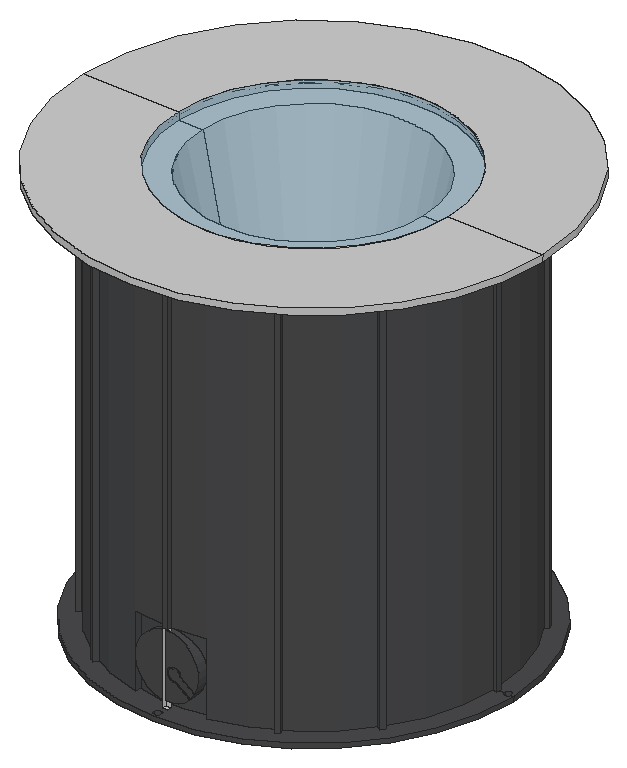
Revit family "LED COB INGROUND 25W_LKP0173WW.12", category Luminarias, Revit 2019
Family settings
  Cota de conector redondo = Diámetro de uso
  Tipo de pieza = Normal
  Se basa en plano de trabajo = Sí
  Siempre vertical = No
  Corte con vacíos al cargar = No
  Origen de luz = Sí
  Compartido = No
  Punto de cálculo de habitación = No
Parameters (values of type "EMP_LKP0173WW.12")
  Ángulo de inclinación = 105.00°
  Ángulo de enfoque = 12.00°
  Ángulo de campo de foco = 12.00°
  Zone [instance] = ""
  Watt per fixture = 28
  Wattage = 28 W
  built-in parameter 1150107 = 3000 (stored number, unit not read)
  built-in parameter 1150110 = 1 (stored number, unit not read)
  built-in parameter 1150109 = 1 (stored number, unit not read)
  built-in parameter 1150112 = 1 (stored number, unit not read)
  built-in parameter 1150113 = 1 (stored number, unit not read)
  built-in parameter 1114218 = 1 (stored number, unit not read)
  Keynote = ""
  built-in parameter 1150137 = (empty or 0)
  built-in parameter 1150132 = (empty or 0)
  Modelo = "LKP0173WW.12"
  Lámpara = "NICHIA"
  Longitud de símbolo de origen de luz = 500 mm
  built-in parameter 1150105 = 74440.3 (stored number, unit not read)
  built-in parameter 1150102 = (empty or 0)
  built-in parameter 1150106 = 744.4 (stored number, unit not read)
  Lumens = 1848.84 lm
  Color Filter = 16777215
  built-in parameter 1114217 = 1 (stored number, unit not read)
  built-in parameter 1150139 = (empty or 0)
  Fabricante = "BRILLANT"
  Default Elevation = 0 mm
  built-in parameter 1150104 = 6.1344 (stored number, unit not read)
  Descripción = "LUMINARIA TIPO CIRCULAR PARA EMPOTRAR EN PISO CON CUERPO DE ALUMINIO FUNDIDO A PRESION CUBIERTO CON POLVO GRIS OSCURO, CON CUBIERTA DE ACERO INOXIDABLE Y VIDRIO TEMPLADO DE 10MM, HOUSING TIPO ABS DE 222MM DE DIAMETRO Y 220MM DE PROFUNDO. CUENTA CON 1 LED COB TIPO NICHIA CON UNA POTENCIA TOTAL DE 28W, A UNA TEMPERATURA EN BLANCO CALIDO 3000K CON 1849 LUMENES, 240mA EN CORRIENTE DE OPERACIÓN, IP67, IK10, IRC 80, APERTURA EN 12 GRADOS POR PROYECTO, ALIMENTADA A 100-240V"
  built-in parameter 1150115 = 1 (stored number, unit not read)
  built-in parameter 1150114 = 1 (stored number, unit not read)
  Comentarios de vataje = "100-277V"
  built-in parameter 1150138 = (empty or 0)
  built-in parameter 1150134 = (empty or 0)
  Circuit [instance] = ""
  Dimming Lamp Color Temperature Shift = (empty or 0)
  built-in parameter 1150133 = 10 (stored number, unit not read)
Reference planes
  plane 1 "Centro (Frontal/Posterior)": y = 0
  plane 2: z = 0
  plane 3 "Centro (Izquierda/Derecha)": x = 0
  plane 4: z = -220
  plane 5 "PEND": y = 20
  plane 6 "Centro I/E": y = -15
  plane 7: x = -77.5
  plane 8: x = 77.5
Forms (mm)
  Revolve 1, solid, material "Acero Inoxidable"
    sketch origin (0, 0, 0) x (1, 0, 0) y (0, 0, 1)
      loop
        line (-45.029, -71.543) -> (-60.088, -0.696) -> (-73.402, -0.696) -> (-73.402, 3.457) -> (-125, 3.457) -> (-125, 0) -> (-88.648, 0) -> (-88.648, -186.964) -> (0, -186.964) -> (0, -71.543) -> (-45.029, -71.543)
      axis (0, 3.457) -> (0, -186.964)
    angle from 0 to 360
  Extrusion 2, solid, material "Cristal"
    sketch origin (0, 0, 0) x (1, 0, 0) y (0, 1, 0)
      loop
        circle (0, 0) r 73.402
    from 1.93 to 3.457
  Extrusion 3, solid, material "Plastico"
    sketch origin (0, 0, 0) x (1, 0, 0) y (0, 1, 0)
      loop
        circle (0, 0) r 10
    from -190.214 to -188.787
  Extrusion 4, solid, material "Cobre"
    sketch origin (0, 0, 0) x (1, 0, 0) y (0, 1, 0)
      loop
        line (12.101, 0) -> (6.051, 10.48) -> (-6.051, 10.48) -> (-12.101, 0) -> (-6.051, -10.48) -> (6.051, -10.48) -> (12.101, 0)
    from -188.787 to -186.964
  Revolve 5, solid, material "Plastico"
    sketch origin (0, 0, 0) x (1, 0, 0) y (0, 0, 1)
      loop
        line (-111, -0.88) -> (-111, -4.48) -> (-98.565, -4.48) -> (-98.565, -217.5) -> (-109, -217.5) -> (-109, -220) -> (-30.747, -220) -> (0, -220) -> (0, -217.5) -> (-88.629, -217.5) -> (-88.629, -0.88) -> (-111, -0.88)
      axis (0, -0.88) -> (0, -220)
    angle from 0 to 360
  Extrusion 6, solid, material "Plastico"
    sketch origin (0, 0, 0) x (1, 0, 0) y (0, 1, 0)
      loop
        line (-98.55, 1.342) -> (-100.923, 1.342) -> (-100.923, -1.342) -> (-98.55, -1.342)
        arc (-98.55, -1.342) -> (-98.565, 0) -> (-98.55, 1.342) r 59.642
      loop
        line (-80.494, 57.058) -> (-82.572, 58.257) -> (-83.914, 55.932) -> (-81.837, 54.732)
        arc (-81.837, 54.732) -> (-81.178, 55.903) -> (-80.494, 57.058) r 59.642
      loop
        line (-48.112, 86.018) -> (-49.284, 88.048) -> (-51.609, 86.705) -> (-50.437, 84.675)
        arc (-50.437, 84.675) -> (-49.282, 85.36) -> (-48.112, 86.018) r 59.642
      loop
        line (1.342, 98.55) -> (1.342, 100.894) -> (-1.342, 100.894) -> (-1.342, 98.55)
        arc (-1.342, 98.55) -> (0, 98.565) -> (1.342, 98.55) r 59.642
      loop
        arc (98.55, 1.342) -> (98.565, 0) -> (98.55, -1.342) r 59.642
        line (98.55, -1.342) -> (100.923, -1.342) -> (100.923, 1.342) -> (98.55, 1.342)
      loop
        arc (80.494, 57.058) -> (81.178, 55.903) -> (81.837, 54.732) r 59.642
        line (81.837, 54.732) -> (83.914, 55.932) -> (82.572, 58.257) -> (80.494, 57.058)
      loop
        arc (48.112, 86.018) -> (49.282, 85.36) -> (50.437, 84.675) r 59.642
        line (50.437, 84.675) -> (51.609, 86.705) -> (49.284, 88.048) -> (48.112, 86.018)
      loop
        arc (-80.494, -57.058) -> (-81.178, -55.903) -> (-81.837, -54.732) r 59.642
        line (-81.837, -54.732) -> (-83.914, -55.932) -> (-82.572, -58.257) -> (-80.494, -57.058)
      loop
        arc (-48.112, -86.018) -> (-49.282, -85.36) -> (-50.437, -84.675) r 59.642
        line (-50.437, -84.675) -> (-51.609, -86.705) -> (-49.284, -88.048) -> (-48.112, -86.018)
      loop
        arc (1.342, -98.55) -> (0, -98.565) -> (-1.342, -98.55) r 59.642
        line (-1.342, -98.55) -> (-1.342, -100.894) -> (1.342, -100.894) -> (1.342, -98.55)
      loop
        line (80.494, -57.058) -> (82.572, -58.257) -> (83.914, -55.932) -> (81.837, -54.732)
        arc (81.837, -54.732) -> (81.178, -55.903) -> (80.494, -57.058) r 59.642
      loop
        line (48.112, -86.018) -> (49.284, -88.048) -> (51.609, -86.705) -> (50.437, -84.675)
        arc (50.437, -84.675) -> (49.282, -85.36) -> (48.112, -86.018) r 59.642
    from -217.5 to -4.48
  Extrusion 7, void
    sketch origin (3.125, 0, 0) x (1, 0, 0) y (0, 1, 0)
      loop
        circle (-109.02, -0.03) r 1.981
      loop
        circle (-3.095, 105.913) r 1.981
      loop
        circle (-3.095, -105.913) r 1.981
      loop
        circle (102.77, -0.03) r 1.981
    from -220 to -216.767
  Extrusion 8, void
    sketch origin (0, 0, 0) x (1, 0, 0) y (0, 1, 0)
      loop
        line (19.48, -96.621) -> (19.48, -93.23)
        arc (19.48, -93.23) -> (-0.004, -96.149) -> (-19.48, -93.171) r 65.829
        line (-19.48, -93.171) -> (-19.48, -96.621)
        arc (-19.48, -96.621) -> (0, -98.565) -> (19.48, -96.621) r 98.565
    from -217.5 to -178.507
  Extrusion 9, solid, material "Plastico"
    sketch origin (0, 0, 0) x (1, 0, 0) y (0, 0, 1)
      loop
        arc (15.228, -205.467) -> (-13.875, -187.312) -> (12.384, -209.381) r 17.194
        line (12.384, -209.381) -> (4.761, -203.843)
        arc (4.761, -203.843) -> (0.929, -198.068) -> (7.605, -199.928) r 3.698
        line (7.605, -199.928) -> (15.228, -205.467)
      loop
        line (4.897, -203.076) -> (12.864, -208.865) -> (14.886, -206.083) -> (6.918, -200.294)
        arc (6.918, -200.294) -> (1.496, -198.48) -> (4.897, -203.076) r 2.998
    from 93.925 to 99.423
  Extrusion 10, solid, material "Plastico"
    sketch origin (0, 0, 0) x (1, 0, 0) y (0, 1, 0)
      loop
        line (-5.899, 102.697) -> (-5.899, 98.313)
        arc (-5.899, 98.313) -> (0, 98.565) -> (5.899, 98.313) r 69.055
        line (5.899, 98.313) -> (5.899, 102.697)
        arc (5.899, 102.697) -> (0, 102.949) -> (-5.899, 102.697) r 69.055
      loop
        line (-102.697, -5.899) -> (-98.313, -5.899)
        arc (-98.313, -5.899) -> (-98.565, 0) -> (-98.313, 5.899) r 69.055
        line (-98.313, 5.899) -> (-102.697, 5.899)
        arc (-102.697, 5.899) -> (-102.949, 0) -> (-102.697, -5.899) r 69.055
      loop
        arc (-5.899, -102.697) -> (0, -102.949) -> (5.899, -102.697) r 69.055
        line (5.899, -102.697) -> (5.899, -98.313)
        arc (5.899, -98.313) -> (0, -98.565) -> (-5.899, -98.313) r 69.055
        line (-5.899, -98.313) -> (-5.899, -102.697)
      loop
        arc (102.697, -5.899) -> (102.949, 0) -> (102.697, 5.899) r 69.055
        line (102.697, 5.899) -> (98.313, 5.899)
        arc (98.313, 5.899) -> (98.565, 0) -> (98.313, -5.899) r 69.055
        line (98.313, -5.899) -> (102.697, -5.899)
    from -10.055 to -4.48
  Extrusion 11, void
    sketch origin (0, 0, 0) x (1, 0, 0) y (0, 1, 0)
      loop
        line (-1.342, -98.55) -> (-1.342, -100.894) -> (1.342, -100.894) -> (1.342, -98.55) -> (-1.342, -98.55)
    from -217.5 to -178.507
Cuts and joins
  Extrusion 7, Extrusion 8 cuts Revolve 5
  Extrusion 7, Extrusion 11 cuts Revolve 1
  Extrusion 11 cuts Extrusion 6
Dimensions and locks
  plane 2 to plane 4 = 220 mm
  level to plane 4 = 220 mm
  level to Extrusion 3 = 190.214 mm
  plane 3 "Centro (Izquierda/Derecha)" to Revolve 5 sketch curve = 109 mm
  Revolve 1 sketch curve to Revolve 1 sketch curve = 125 mm
  Revolve 5 sketch curve to Revolve 5 sketch curve = 111 mm
  aligned and locked: level to plane 2
Connectors
  electrical at (0, 0, -220)
    settings: on cut or joined group of Revolve 5, Extrusion 7, Extrusion 8, index 1, voltage 277 V, apparent load 0 VA, apparent load phase1 0 VA, apparent load phase2 0 VA, apparent load phase3 0 VA, power factor 1, load classification "Otro", number of poles 1, system type 31, power factor state 1, is connector primary yes, connector utility no, sub classification motor no, connector description ""
